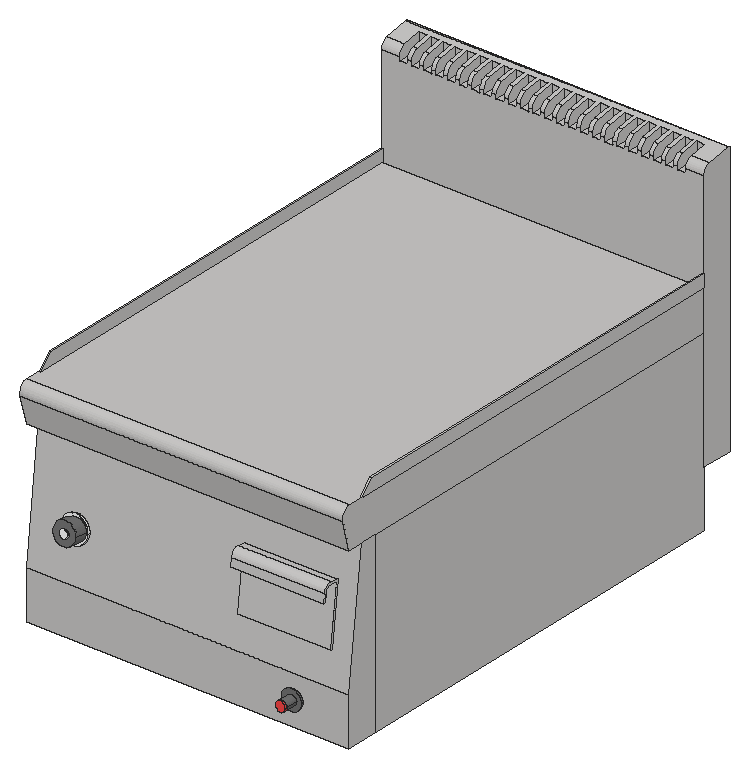
Revit family "QF_GIORIK_LGG4900", category Specialty Equipment, Revit 2014
Parameters (values of type "LGG4900")
  Weight in Pounds = 90.3894
  URL Cutsheet = "www.giorik.com"
  URL = "www.giorik.com"
  Status [instance] = ""
  Specification by User [instance] = ""
  Specification by Manufacturer = ""
  Show Logo [instance] = yes
  Show Clearance [instance] = yes
  Serial Number = ""
  Seismic Rating = ""
  SMACNA No = ""
  Revision Code [instance] = ""
  NAFEM Spec ID Number = ""
  Model = "LGG4900"
  Mechanical Remarks [instance] = "Natural Gas"
  Mechanical Connection Type [instance] = ""
  Masterspec = ""
  Manufacturer = "GIORIK"
  Item Number [instance] = ""
  Installed By [instance] = ""
  Identify Quantity as Lot [instance] = no
  Gas Size = 1"
  Gas RI Height [instance] = 0 mm
  Gas KW = 4.6
  Gas Input = 4600 W
  Gas Connection Height [instance] = 45 mm
  Furnished By [instance] = ""
  Foodservice Equipment Identifier [instance] = yes
  Description = "GRIDDLE SMOOTH"
  CSI MasterFormat = ""
  Assembly Code = "E1090320"
Reference planes
  plane 1 "Back": y = 0
  plane 2: z = 0
  plane 3 "Left": x = 0
  plane 4 "Right": x = 400
  plane 5 "Front": y = -600
  plane 6 "Top": z = 430
Forms (mm)
  Extrusion 1, solid
    sketch origin (0, 1000, -580) x (0, 1, 0) y (0, 0, 1)
      loop
        line (-1040.007, 869.975) -> (-1589.445, 869.975)
        arc (-1589.445, 869.975) -> (-1598.171, 865.672) -> (-1600.069, 856.13) r 10.999
        line (-1600.069, 856.13) -> (-1590.388, 820) -> (-1040.007, 820) -> (-1040.007, 869.975)
    from 0 to 400
  Extrusion 2, solid
    sketch origin (0, 0, -560) x (0, 1, 0) y (0, 0, 1)
      loop
        line (-570.06, 849.975) -> (-40.007, 849.975) -> (-40.007, 865.387) -> (-554.648, 865.387) -> (-570.06, 849.975)
    from 0 to 1.85
  Extrusion 3, solid
    sketch origin (0, 0, -560) x (0, 1, 0) y (0, 0, 1)
      loop
        line (-40.007, 800) -> (-550, 800) -> (-550, 580) -> (-40.007, 580) -> (-40.007, 800)
    from 0 to 400
  Extrusion 4, solid
    sketch origin (0, 0, -560) x (0, 1, 0) y (0, 0, 1)
      loop
        line (-550, 800) -> (-570.5, 800) -> (-590, 640) -> (-590, 580) -> (-550, 580) -> (-550, 800)
    from 0 to 400
  Extrusion 5, solid
    sketch origin (398.094, 0, -560) x (0, 1, 0) y (0, 0, 1)
      loop
        line (-570.06, 849.975) -> (-40.007, 849.975) -> (-40.007, 865.387) -> (-554.648, 865.387) -> (-570.06, 849.975)
    from -0.15 to 1.906
  Extrusion 6, solid
    sketch origin (0, 0, -560) x (0, 1, 0) y (0, 0, 1)
      loop
        line (-40.007, 974.217) -> (-40.007, 650.827) -> (0, 650.827) -> (0, 988.42)
        arc (0, 988.42) -> (-0.57, 989.648) -> (-1.878, 990) r 1.6
        line (-1.878, 990) -> (-31.072, 984.852)
        arc (-31.072, 984.852) -> (-37.477, 981.162) -> (-40.007, 974.217) r 10.797
    from 0 to 400
  Extrusion 7, solid
    sketch origin (103.819, 0, -561) x (1, 0, 0) y (0, 0, 1)
      loop
        circle (-38.319, 606) r 12.5
    from 20.007 to 40.007
  Extrusion 8, void
    sketch origin (7.5, 0, 430) x (0, 1, 0) y (-1, 0, 0)
      loop
        line (-40.007, -25) -> (-9.931, -25) -> (-9.931, -15) -> (-40.007, -15) -> (-40.007, -25)
      loop
        line (-40.007, -40) -> (-9.931, -40) -> (-9.931, -30) -> (-40.007, -30) -> (-40.007, -40)
      loop
        line (-40.007, -55) -> (-9.931, -55) -> (-9.931, -45) -> (-40.007, -45) -> (-40.007, -55)
      loop
        line (-40.007, -70) -> (-9.931, -70) -> (-9.931, -60) -> (-40.007, -60) -> (-40.007, -70)
      loop
        line (-40.007, -85) -> (-9.931, -85) -> (-9.931, -75) -> (-40.007, -75) -> (-40.007, -85)
      loop
        line (-40.007, -100) -> (-9.931, -100) -> (-9.931, -90) -> (-40.007, -90) -> (-40.007, -100)
      loop
        line (-40.007, -115) -> (-9.931, -115) -> (-9.931, -105) -> (-40.007, -105) -> (-40.007, -115)
      loop
        line (-40.007, -130) -> (-9.931, -130) -> (-9.931, -120) -> (-40.007, -120) -> (-40.007, -130)
      loop
        line (-40.007, -145) -> (-9.931, -145) -> (-9.931, -135) -> (-40.007, -135) -> (-40.007, -145)
      loop
        line (-40.007, -160) -> (-9.931, -160) -> (-9.931, -150) -> (-40.007, -150) -> (-40.007, -160)
      loop
        line (-40.007, -175) -> (-9.931, -175) -> (-9.931, -165) -> (-40.007, -165) -> (-40.007, -175)
      loop
        line (-40.007, -190) -> (-9.931, -190) -> (-9.931, -180) -> (-40.007, -180) -> (-40.007, -190)
      loop
        line (-40.007, -205) -> (-9.931, -205) -> (-9.931, -195) -> (-40.007, -195) -> (-40.007, -205)
      loop
        line (-40.007, -220) -> (-9.931, -220) -> (-9.931, -210) -> (-40.007, -210) -> (-40.007, -220)
      loop
        line (-40.007, -235) -> (-9.931, -235) -> (-9.931, -225) -> (-40.007, -225) -> (-40.007, -235)
      loop
        line (-40.007, -250) -> (-9.931, -250) -> (-9.931, -240) -> (-40.007, -240) -> (-40.007, -250)
      loop
        line (-40.007, -265) -> (-9.931, -265) -> (-9.931, -255) -> (-40.007, -255) -> (-40.007, -265)
      loop
        line (-40.007, -280) -> (-9.931, -280) -> (-9.931, -270) -> (-40.007, -270) -> (-40.007, -280)
      loop
        line (-40.007, -295) -> (-9.931, -295) -> (-9.931, -285) -> (-40.007, -285) -> (-40.007, -295)
      loop
        line (-40.007, -310) -> (-9.931, -310) -> (-9.931, -300) -> (-40.007, -300) -> (-40.007, -310)
      loop
        line (-40.007, -325) -> (-9.931, -325) -> (-9.931, -315) -> (-40.007, -315) -> (-40.007, -325)
      loop
        line (-40.007, -340) -> (-9.931, -340) -> (-9.931, -330) -> (-40.007, -330) -> (-40.007, -340)
      loop
        line (-40.007, -355) -> (-9.931, -355) -> (-9.931, -345) -> (-40.007, -345) -> (-40.007, -355)
      loop
        line (-40.007, -370) -> (-9.931, -370) -> (-9.931, -360) -> (-40.007, -360) -> (-40.007, -370)
    from 0 to -20
  Extrusion 9, solid
    sketch origin (566.603, 15.293, -30) x (0, 1, 0) y (-1, 0, 0)
      loop
        circle (-79.293, 516.603) r 5
    from 41.965 to 50
  Revolve 10, solid
    sketch origin (50, 19.943, -600) x (0, 1, 0) y (0, 0, 1)
      loop
        line (-83.943, 611.965) -> (-94.752, 611.965) -> (-97.943, 600) -> (-83.943, 600) -> (-83.943, 611.965)
      axis (-83.943, 611.965) -> (-83.943, 600)
    angle from 0 to 360
  Extrusion 11, solid
    sketch origin (-166.603, 15.293, -30) x (0, 1, 0) y (-1, 0, 0)
      loop
        circle (-79.293, -516.603) r 5
    from 41.965 to 50
  Revolve 12, solid
    sketch origin (350, 19.943, -600) x (0, 1, 0) y (0, 0, -1)
      loop
        line (-83.943, -611.965) -> (-83.943, -600) -> (-97.943, -600) -> (-94.752, -611.965) -> (-83.943, -611.965)
      axis (-83.943, -611.965) -> (-83.943, -600)
    angle from 0 to 360
  Extrusion 13, solid
    sketch origin (566.603, -459.707, -30) x (0, 1, 0) y (-1, 0, 0)
      loop
        circle (-79.293, 516.603) r 5
    from 41.965 to 50
  Revolve 14, solid
    sketch origin (50, -455.057, -600) x (0, 1, 0) y (0, 0, 1)
      loop
        line (-83.943, 611.965) -> (-94.752, 611.965) -> (-97.943, 600) -> (-83.943, 600) -> (-83.943, 611.965)
      axis (-83.943, 611.965) -> (-83.943, 600)
    angle from 0 to 360
  Extrusion 15, solid
    sketch origin (-166.603, -459.707, -30) x (0, 1, 0) y (-1, 0, 0)
      loop
        circle (-79.293, -516.603) r 5
    from 41.965 to 50
  Revolve 16, solid
    sketch origin (350, -455.057, -600) x (0, 1, 0) y (0, 0, -1)
      loop
        line (-83.943, -611.965) -> (-83.943, -600) -> (-97.943, -600) -> (-94.752, -611.965) -> (-83.943, -611.965)
      axis (-83.943, -611.965) -> (-83.943, -600)
    angle from 0 to 360
  Extrusion 17, solid
    sketch origin (122.5, -693.34, -437.283) x (0, 0.992655, -0.12098) y (0, 0.12098, 0.992655)
      loop
        line (40, 640.1) -> (30, 640.1)
        arc (30, 640.1) -> (22.929, 637.171) -> (20, 630.1) r 10
        line (20, 630.1) -> (20, 620.1) -> (22, 620.1) -> (22, 630.1)
        arc (22, 630.1) -> (24.343, 635.757) -> (30, 638.1) r 8
        line (30, 638.1) -> (38, 638.1) -> (38, 565.1) -> (40, 565.1) -> (40, 640.1)
    from 137.5 to 252.5
  Extrusion 18, solid
    sketch origin (55.099, -611.842, -98.474) x (1, 0, 0) y (0, 0.12098, 0.992655)
      loop
        circle (0, 240) r 14
    from 0 to 17.552
  Extrusion 19, solid
    sketch origin (55.099, -611.842, -98.474) x (1, 0, 0) y (0, 0.12098, 0.992655)
      loop
        circle (0, 240) r 17
    from 0 to 1.96
  Extrusion 20, solid
    sketch origin (-14.901, -21.131, -69.6) x (1, 0, 0) y (0, 0.12098, 0.992655)
      loop
        circle (70, 139.874) r 5
    from 601.431 to 599.431
  Extrusion 21, solid
    sketch origin (291.298, -565.625, -661.693) x (1, 0, 0) y (0, 0.001091, 0.999999)
      loop
        circle (38.702, 711.666) r 12.5
    from 25 to 27
  Extrusion 22, solid
    sketch origin (-434.91, -592.632, -668.086) x (1, 0, 0) y (0, 0.001091, 0.999999)
      loop
        circle (764.91, 718.089) r 6
    from 0 to 15
  Extrusion 23, solid
    sketch origin (-434.91, -593.793, -668.085) x (1, 0, 0) y (0, 0.001091, 0.999999)
      loop
        circle (764.91, 718.089) r 6
    from 13.838 to 15.838
Cuts and joins
  Extrusion 8 cuts Extrusion 6
Lines and regions (mm)
  symbolic lines, style "200-EquipBorder-2D"
    curve 1: line (400, 0, 0) -> (0, 0, 0)
    curve 2: line (0, 0, 0) -> (0, -600, 0)
    curve 80: line (0, -600, 430) -> (400, -600, 430)
    curve 81: line (400, -600, 430) -> (400, 0, 430)
    curve 82: line (324, -608.848, 430) -> (324, -600, 430)
    curve 83: line (324, -608.848, 430) -> (336, -608.848, 430)
    curve 84: line (336, -608.848, 430) -> (336, -600, 430)
  symbolic lines, style "200-EquipInternal-2D"
    curve 3: line (400, -40.007, 430) -> (0, -40.007, 430)
    curve 4: line (397.944, -570.06, 430) -> (400, -570.06, 430)
    curve 5: line (397.944, -40.007, 430) -> (397.944, -570.06, 430)
    curve 6: line (0, -570.06, 430) -> (1.85, -570.06, 430)
    curve 7: line (1.85, -570.06, 430) -> (1.85, -40.007, 430)
    curve 8: line (22.5, -9.931, 290) -> (22.5, -40.007, 290)
    curve 9: line (32.5, -40.007, 290) -> (32.5, -9.931, 290)
    curve 10: line (37.5, -9.931, 290) -> (37.5, -40.007, 290)
    curve 11: line (47.5, -40.007, 290) -> (47.5, -9.931, 290)
    curve 12: line (52.5, -9.931, 290) -> (52.5, -40.007, 290)
    curve 13: line (62.5, -40.007, 290) -> (62.5, -9.931, 290)
    curve 14: line (82.5, -9.931, 290) -> (82.5, -40.007, 290)
    curve 15: line (92.5, -40.007, 290) -> (92.5, -9.931, 290)
    curve 16: line (97.5, -9.931, 290) -> (97.5, -40.007, 290)
    curve 17: line (107.5, -40.007, 290) -> (107.5, -9.931, 290)
    curve 18: line (137.5, -40.007, 290) -> (137.5, -9.931, 290)
    curve 19: line (127.5, -9.931, 290) -> (127.5, -40.007, 290)
    curve 20: line (152.5, -40.007, 290) -> (152.5, -9.931, 290)
    curve 21: line (157.5, -9.931, 290) -> (157.5, -40.007, 290)
    curve 22: line (167.5, -40.007, 290) -> (167.5, -9.931, 290)
    curve 23: line (142.5, -9.931, 290) -> (142.5, -40.007, 290)
    curve 24: line (197.5, -40.007, 290) -> (197.5, -9.931, 290)
    curve 25: line (187.5, -9.931, 290) -> (187.5, -40.007, 290)
    curve 26: line (202.5, -9.931, 290) -> (202.5, -40.007, 290)
    curve 27: line (212.5, -40.007, 290) -> (212.5, -9.931, 290)
    curve 28: line (217.5, -9.931, 290) -> (217.5, -40.007, 290)
    curve 29: line (227.5, -40.007, 290) -> (227.5, -9.931, 290)
    curve 30: line (247.5, -9.931, 290) -> (247.5, -40.007, 290)
    curve 31: line (257.5, -40.007, 290) -> (257.5, -9.931, 290)
    curve 32: line (262.5, -9.931, 290) -> (262.5, -40.007, 290)
    curve 33: line (272.5, -40.007, 290) -> (272.5, -9.931, 290)
    curve 34: line (277.5, -9.931, 290) -> (277.5, -40.007, 290)
    curve 35: line (287.5, -40.007, 290) -> (287.5, -9.931, 290)
    curve 36: line (317.5, -40.007, 290) -> (317.5, -9.931, 290)
    curve 37: line (307.5, -9.931, 290) -> (307.5, -40.007, 290)
    curve 38: line (332.5, -40.007, 290) -> (332.5, -9.931, 290)
    curve 39: line (322.5, -9.931, 290) -> (322.5, -40.007, 290)
    curve 40: line (337.5, -9.931, 290) -> (337.5, -40.007, 290)
    curve 41: line (347.5, -40.007, 290) -> (347.5, -9.931, 290)
    curve 42: line (367.5, -9.931, 290) -> (367.5, -40.007, 290)
    curve 43: line (377.5, -40.007, 290) -> (377.5, -9.931, 290)
    curve 44: line (377.5, -9.931, 290) -> (367.5, -9.931, 290)
    curve 45: line (347.5, -9.931, 290) -> (337.5, -9.931, 290)
    curve 46: line (332.5, -9.931, 290) -> (322.5, -9.931, 290)
    curve 47: line (317.5, -9.931, 290) -> (307.5, -9.931, 290)
    curve 48: line (272.5, -9.931, 290) -> (262.5, -9.931, 290)
    curve 49: line (107.5, -9.931, 290) -> (97.5, -9.931, 290)
    curve 50: line (92.5, -9.931, 290) -> (82.5, -9.931, 290)
    curve 51: line (62.5, -9.931, 290) -> (52.5, -9.931, 290)
    curve 52: line (32.5, -9.931, 290) -> (22.5, -9.931, 290)
    curve 53: line (137.5, -9.931, 290) -> (127.5, -9.931, 290)
    curve 54: line (152.5, -9.931, 290) -> (142.5, -9.931, 290)
    curve 55: line (167.5, -9.931, 290) -> (157.5, -9.931, 290)
    curve 56: line (197.5, -9.931, 290) -> (187.5, -9.931, 290)
    curve 57: line (212.5, -9.931, 290) -> (202.5, -9.931, 290)
    curve 58: line (227.5, -9.931, 290) -> (217.5, -9.931, 290)
    curve 59: line (257.5, -9.931, 290) -> (247.5, -9.931, 290)
    curve 60: line (47.5, -9.931, 290) -> (37.5, -9.931, 290)
    curve 61: line (67.5, -9.931, 430) -> (67.5, -40.007, 430)
    curve 62: line (77.5, -40.007, 430) -> (77.5, -9.931, 430)
    curve 63: line (77.5, -9.931, 430) -> (67.5, -9.931, 430)
    curve 64: line (112.5, -9.931, 430) -> (112.5, -40.007, 430)
    curve 65: line (122.5, -40.007, 430) -> (122.5, -9.931, 430)
    curve 66: line (122.5, -9.931, 430) -> (112.5, -9.931, 430)
    curve 67: line (172.5, -9.931, 430) -> (172.5, -40.007, 430)
    curve 68: line (182.5, -40.007, 430) -> (182.5, -9.931, 430)
    curve 69: line (182.5, -9.931, 430) -> (172.5, -9.931, 430)
    curve 70: line (232.5, -9.931, 430) -> (232.5, -40.007, 430)
    curve 71: line (242.5, -40.007, 430) -> (242.5, -9.931, 430)
    curve 72: line (242.5, -9.931, 430) -> (232.5, -9.931, 430)
    curve 73: line (287.5, -9.931, 430) -> (277.5, -9.931, 430)
    curve 74: line (302.5, -9.931, 430) -> (292.5, -9.931, 430)
    curve 75: line (292.5, -9.931, 430) -> (292.5, -40.007, 430)
    curve 76: line (302.5, -40.007, 430) -> (302.5, -9.931, 430)
    curve 77: line (352.5, -9.931, 430) -> (352.5, -40.007, 430)
    curve 78: line (362.5, -40.007, 430) -> (362.5, -9.931, 430)
    curve 79: line (362.5, -9.931, 430) -> (352.5, -9.931, 430)
Dimensions and locks
  plane 3 "Left" to plane 4 "Right" = 400 mm
  plane 5 "Front" to plane 1 "Back" = 600 mm
  plane 4 "Right" to plane 3 "Left" = 400 mm
  plane 1 "Back" to plane 5 "Front" = 600 mm
  plane 6 "Top" to level = 430 mm  (x2)
  aligned and locked: level to plane 2
Connectors
  piping at (65.5, -20.007, 45), diameter 25.4, driven by "Gas Size"
    settings: on Extrusion 7, index 1, connector inside diameter 24", connector length 0 mm, flow factor 0, pipe flow 0.0 L/s, pressure drop 0.0 Pa, fitting loss kfactor 0, connector angle 0.00°, fixture units 0, engagement length 0 mm, angle of deflection 0.00°, flow configuration 1, flow direction 1, fitting loss method 0, system type 22, joint type 0, gender type 0, connector reference index -1, connector utility 0, adjustable connector no, is connector primary yes, connector description "Gas inlet"
